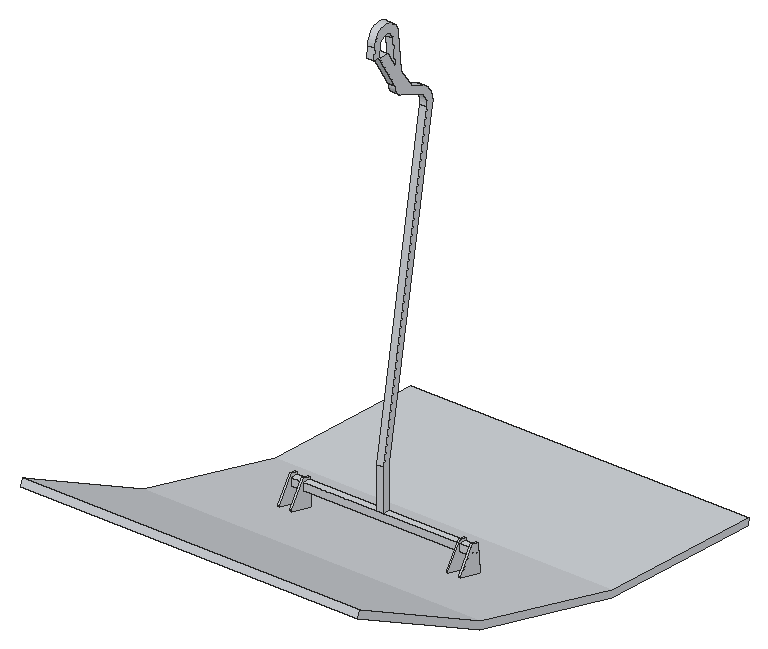
Revit family "6ft Forte Ceiling Panel", category Furniture, Revit 2011
Parameters (values of type "Forte 6' Ceiling")
  URL = "http://www.wengercorp.com/Home/Contact.html"
  Toekick Material [instance] = none
  RH End Panel [instance] = no
  Model = "60"
  Manufacturer = "Wenger Corporation"
  LH End Panel [instance] = no
  End Panel Material [instance] = none
  Edge Banding Material [instance] = none
  Door Material [instance] = none
  Description = "Standard 16' Forte Tower"
  Assembly Code = ""
Reference planes (in)
  plane 1 "Top View 2D location": z = 270
  plane 2: x = 22.64221
  plane 3: x = 46.64221
  plane 4: x = 34.64221
  plane 5: y = 855.02239
  plane 6: z = 199.94228
Forms (in)
  Extrusion 1, solid
    sketch origin (58.64221, 186.19326, 51.66529) x (0, -0.999473, -0.03245) y (0, -0.03245, 0.999473)
      loop
        arc (-639.0958, 139.35867) -> (-671.73183, 123.63341) -> (-707.59692, 118.52559) r 118.25922
        line (-707.59692, 118.52559) -> (-707.5496, 117.52612)
        arc (-707.5496, 117.52612) -> (-671.49428, 122.65506) -> (-638.66818, 138.42652) r 119.25324
        line (-638.66818, 138.42652) -> (-639.0958, 139.35867)
    from 0 to 48
  Extrusion 2, solid
    sketch origin (47.39227, 177.94081, 64.71877) x (0, 1, 0) y (0, 0, 1)
      loop
        line (674.00797, 132.83014) -> (677.38539, 131.92516) -> (677.56163, 132.58292) -> (677.27009, 136.39071) -> (676.32685, 136.64345) -> (674.17486, 133.45299) -> (674.00797, 132.83014)
    from 0 to 0.25
  Extrusion 3, solid
    sketch origin (45.64221, 177.94081, 64.71877) x (0, 1, 0) y (0, 0, 1)
      loop
        line (674.00797, 132.83014) -> (677.38539, 131.92516) -> (677.56163, 132.58292) -> (677.27009, 136.39071) -> (676.32685, 136.64345) -> (674.17486, 133.45299) -> (674.00797, 132.83014)
    from 0 to 0.25
  Extrusion 4, solid
    sketch origin (23.39227, 177.94081, 64.71877) x (0, 1, 0) y (0, 0, 1)
      loop
        line (674.00797, 132.83014) -> (677.38539, 131.92516) -> (677.56163, 132.58292) -> (677.27009, 136.39071) -> (676.32685, 136.64345) -> (674.17486, 133.45299) -> (674.00797, 132.83014)
    from 0 to 0.25
  Extrusion 5, solid
    sketch origin (21.64221, 177.94081, 64.71877) x (0, 1, 0) y (0, 0, 1)
      loop
        line (674.00797, 132.83014) -> (677.38539, 131.92516) -> (677.56163, 132.58292) -> (677.27009, 136.39071) -> (676.32685, 136.64345) -> (674.17486, 133.45299) -> (674.00797, 132.83014)
    from 0 to 0.25
  Extrusion 6, solid
    sketch origin (47.64221, 177.94081, 64.71877) x (0, -1, 0) y (0, 0, 1)
      loop
        line (-676.08984, 136.22351) -> (-677.08984, 136.22351) -> (-677.08984, 135.22351) -> (-676.08984, 135.22351) -> (-676.08984, 136.22351)
    from -0.00006 to 26
  Extrusion 7, solid
    sketch origin (35.14221, 177.94081, 64.71877) x (0, -1, 0) y (0, 0, 1)
      loop
        line (-676.08984, 136.22351) -> (-676.08984, 142.15091) -> (-683.74531, 184.74649)
        arc (-683.74531, 184.74649) -> (-683.52247, 186.04739) -> (-682.53733, 186.92575) r 1.99868
        line (-682.53733, 186.92575) -> (-679.18968, 188.30833)
        arc (-679.18968, 188.30833) -> (-678.51213, 188.86132) -> (-678.25322, 189.69669) r 1.51471
        line (-678.25322, 189.69669) -> (-678.22809, 189.98616) -> (-678.11876, 189.92046) -> (-675.41481, 194.42059) -> (-675.61622, 194.54161) -> (-676.79761, 194.54161) -> (-678.02626, 192.52702) -> (-677.71045, 196.13677)
        arc (-677.71045, 196.13677) -> (-676.60544, 197.16721) -> (-675.46514, 196.17596) r 1.12901
        line (-675.46514, 196.17596) -> (-675.28077, 194.67438) -> (-674.29725, 194.79514) -> (-674.47868, 196.27279)
        arc (-674.47868, 196.27279) -> (-676.48611, 198.40857) -> (-678.68271, 196.46788) r 2.10527
        line (-678.68271, 196.46788) -> (-679.13378, 191.31212) -> (-681.0882, 188.62209) -> (-683.26307, 187.69892) -> (-683.58867, 187.4793) -> (-683.92627, 187.17532) -> (-684.22577, 186.8184) -> (-684.46298, 186.45311) -> (-684.66827, 185.88909) -> (-684.74174, 185.54344) -> (-684.77793, 185.12974) -> (-684.72834, 184.56291) -> (-677.11492, 142.20128) -> (-677.10486, 142.08627) -> (-677.08984, 141.91467) -> (-677.08984, 136.22351) -> (-676.08984, 136.22351)
    from 0 to 1
Dimensions and locks (in)
  equal spacing: plane 2, plane 4, plane 3, locked at 12 each
  Extrusion 1 sketch curve to Extrusion 1 sketch curve = 0' - 1.02556"
  locked: Extrusion 1 sketch curve to Extrusion 1 sketch curve at 1.00059
  Extrusion 1 to Extrusion 5 to Extrusion 4 to Extrusion 7 to Extrusion 7 to Extrusion 3 to Extrusion 2 to Extrusion 1 = 0' - 11 1/4", 0' - 1.75006" locked, 0' - 10.49994" locked, 0' - 1" locked, 0' - 10 1/2" locked, 0' - 1.75006" locked, 0' - 11.24994"
  locked: Extrusion 2 to Extrusion 2 at 0.25
  locked: Extrusion 3 to Extrusion 3 at 0.25
  Extrusion 7 to Extrusion 7 = 0' - 1"
  locked: Extrusion 4 to Extrusion 4 at 0.25
  locked: Extrusion 5 to Extrusion 5 at 0.25
  plane 5 to Extrusion 7 = 0' - 7.69636"
  Extrusion 2 to plane 6 = 0' - 1.41994"
  locked: Extrusion 7 to plane 5 at 0.99174
  locked: Extrusion 6 to plane 6 at 1
  Extrusion 7 to plane 6 = 5' - 3.18732"
  radius of Extrusion 1 sketch curve = 9' - 10.25922"
Automatic sketch dimensions
  Extrusion 2 sketch curve to Extrusion 2 sketch curve = 0' - 0.16689"
  Extrusion 2 sketch curve to plane 1 "Top View 2D location" = 6' - 1.35607"
  Extrusion 2 sketch curve to Extrusion 2 sketch curve = 0' - 0.65775"
  Extrusion 2 sketch curve to Extrusion 2 sketch curve = 0' - 3.80779"
  Extrusion 2 sketch curve to Extrusion 2 sketch curve = 0' - 0.25274"
  Extrusion 3 sketch curve to Extrusion 3 sketch curve = 0' - 0.16689"
  Extrusion 3 sketch curve to plane 1 "Top View 2D location" = 6' - 1.35607"
  Extrusion 3 sketch curve to Extrusion 3 sketch curve = 0' - 0.65775"
  Extrusion 3 sketch curve to Extrusion 3 sketch curve = 0' - 3.80779"
  Extrusion 3 sketch curve to Extrusion 3 sketch curve = 0' - 0.25274"
  Extrusion 4 sketch curve to Extrusion 4 sketch curve = 0' - 0.16689"
  Extrusion 4 sketch curve to plane 1 "Top View 2D location" = 6' - 1.35607"
  Extrusion 4 sketch curve to Extrusion 4 sketch curve = 0' - 0.65775"
  Extrusion 4 sketch curve to Extrusion 4 sketch curve = 0' - 3.80779"
  Extrusion 4 sketch curve to Extrusion 4 sketch curve = 0' - 0.25274"
  Extrusion 5 sketch curve to Extrusion 5 sketch curve = 0' - 0.16689"
  Extrusion 5 sketch curve to plane 1 "Top View 2D location" = 6' - 1.35607"
  Extrusion 5 sketch curve to Extrusion 5 sketch curve = 0' - 0.65775"
  Extrusion 5 sketch curve to Extrusion 5 sketch curve = 0' - 3.80779"
  Extrusion 5 sketch curve to Extrusion 5 sketch curve = 0' - 0.25274"
  Extrusion 6 sketch curve to plane 1 "Top View 2D location" = 5' - 10.05772"
  Extrusion 6 sketch curve to Extrusion 6 sketch curve = 0' - 1"  (x2)
  Extrusion 7 sketch curve to Extrusion 7 sketch curve = 0' - 0.10934"
  Extrusion 7 sketch curve to Extrusion 7 sketch curve = 0' - 0.13446"
  Extrusion 7 sketch curve to Extrusion 7 sketch curve = 0' - 0.97226"
  Extrusion 7 sketch curve to Extrusion 7 sketch curve = 0' - 0.90568"
  Extrusion 7 sketch curve to Extrusion 7 sketch curve = 0' - 0.93646"
  Extrusion 7 sketch curve to Extrusion 7 sketch curve = 0' - 0.5782"
  Extrusion 7 sketch curve to Extrusion 7 sketch curve = 0' - 1 41/128"
  Extrusion 7 sketch curve to Extrusion 7 sketch curve = 0' - 0.68619"
  Extrusion 7 sketch curve to Extrusion 7 sketch curve = 0' - 0.76295"
  Extrusion 7 sketch curve to Extrusion 7 sketch curve = 0' - 0.72574"
  Extrusion 7 sketch curve to Extrusion 7 sketch curve = 0' - 0.3256"
  Extrusion 7 sketch curve to Extrusion 7 sketch curve = 0' - 1.97093"
  Extrusion 7 sketch curve to Extrusion 7 sketch curve = 0' - 0.3376"
  Extrusion 7 sketch curve to Extrusion 7 sketch curve = 0' - 0.29949"
  Extrusion 7 sketch curve to Extrusion 7 sketch curve = 0' - 0.23722"
  Extrusion 7 sketch curve to Extrusion 7 sketch curve = 0' - 0.20529"
  Extrusion 7 sketch curve to Extrusion 7 sketch curve = 0' - 0.98303"
  Extrusion 7 sketch curve to Extrusion 7 sketch curve = 0' - 0.07347"
  Extrusion 7 sketch curve to Extrusion 7 sketch curve = 0' - 0.03619"
  Extrusion 7 sketch curve to Extrusion 7 sketch curve = 0' - 0.00203"
  Extrusion 7 sketch curve to Extrusion 7 sketch curve = 0' - 1.18139"
  Extrusion 7 sketch curve to Extrusion 7 sketch curve = 0' - 1.11856"
  Extrusion 7 sketch curve to Extrusion 7 sketch curve = 0' - 0.20141"
  Extrusion 7 sketch curve to Extrusion 7 sketch curve = 0' - 0.13404"
  Extrusion 7 sketch curve to Extrusion 7 sketch curve = 0' - 0.98645"
  Extrusion 7 sketch curve to Extrusion 7 sketch curve = 0' - 0.98352"
  Extrusion 7 sketch curve to plane 1 "Top View 2D location" = 5' - 9.05772"
  Extrusion 7 sketch curve to Extrusion 7 sketch curve = 0' - 5.69116"
  Extrusion 7 sketch curve to Extrusion 7 sketch curve = 0' - 0.1716"
  Extrusion 7 sketch curve to Extrusion 7 sketch curve = 0' - 0.06464"
  Extrusion 7 sketch curve to Extrusion 7 sketch curve = 0' - 0.11501"
  Extrusion 7 sketch curve to plane 1 "Top View 2D location" = 1' - 8.71832"
  Extrusion 7 sketch curve to Extrusion 7 sketch curve = 0' - 0 47/256"
  Extrusion 7 sketch curve to Extrusion 7 sketch curve = 0' - 0.33192"
  Extrusion 7 sketch curve to Extrusion 7 sketch curve = 0' - 0.56683"
  Extrusion 7 sketch curve to Extrusion 7 sketch curve = 0' - 0.4137"
  Extrusion 7 sketch curve to Extrusion 7 sketch curve = 0' - 0.34565"
  Extrusion 7 sketch curve to Extrusion 7 sketch curve = 0' - 0.56402"
  Extrusion 7 sketch curve to Extrusion 7 sketch curve = 0' - 0.36529"
  Extrusion 7 sketch curve to Extrusion 7 sketch curve = 0' - 0.35692"
  Extrusion 7 sketch curve to Extrusion 7 sketch curve = 0' - 0.30398"
  Extrusion 7 sketch curve to Extrusion 7 sketch curve = 0' - 0.21962"
  Extrusion 7 sketch curve to Extrusion 7 sketch curve = 0' - 1.38258"
  Extrusion 7 sketch curve to Extrusion 7 sketch curve = 0' - 0.31376"
  Extrusion 7 sketch curve to Extrusion 7 sketch curve = 0' - 1.38836"
  Extrusion 7 sketch curve to Extrusion 7 sketch curve = 0' - 0.22378"
  Extrusion 7 sketch curve to Extrusion 7 sketch curve = 0' - 0.0657"
  Extrusion 7 sketch curve to Extrusion 7 sketch curve = 0' - 1.32597"
  Extrusion 7 sketch curve to Extrusion 7 sketch curve = 0' - 1.2149"
  Extrusion 7 sketch curve to Extrusion 7 sketch curve = 0' - 0.25378"
  Extrusion 7 sketch curve to Extrusion 7 sketch curve = 0' - 0.12076"
  Extrusion 7 sketch curve to Extrusion 7 sketch curve = 0' - 0.13759"
  Extrusion 7 sketch curve to Extrusion 7 sketch curve = 0' - 0.26719"
  Extrusion 2 sketch curve to Extrusion 2 sketch curve = 0' - 2.15199"
  Extrusion 2 sketch curve to Extrusion 2 sketch curve = 0' - 0.94324"
  Extrusion 2 sketch curve to Extrusion 2 sketch curve = 0' - 3.37742"
  Extrusion 2 sketch curve to Extrusion 2 sketch curve = 0' - 0.17624"
  Extrusion 3 sketch curve to Extrusion 3 sketch curve = 0' - 2.15199"
  Extrusion 3 sketch curve to Extrusion 3 sketch curve = 0' - 0.94324"
  Extrusion 3 sketch curve to Extrusion 3 sketch curve = 0' - 3.37742"
  Extrusion 3 sketch curve to Extrusion 3 sketch curve = 0' - 0.17624"
  Extrusion 4 sketch curve to Extrusion 4 sketch curve = 0' - 2.15199"
  Extrusion 4 sketch curve to Extrusion 4 sketch curve = 0' - 0.94324"
  Extrusion 4 sketch curve to Extrusion 4 sketch curve = 0' - 3.37742"
  Extrusion 4 sketch curve to Extrusion 4 sketch curve = 0' - 0.17624"
  Extrusion 5 sketch curve to Extrusion 5 sketch curve = 0' - 2.15199"
  Extrusion 5 sketch curve to Extrusion 5 sketch curve = 0' - 0.94324"
  Extrusion 5 sketch curve to Extrusion 5 sketch curve = 0' - 3.37742"
  Extrusion 5 sketch curve to Extrusion 5 sketch curve = 0' - 0.17624"
  Extrusion 7 sketch curve to plane 1 "Top View 2D location" = 0' - 8.81335"
  Extrusion 7 sketch curve to Extrusion 7 sketch curve = 0' - 0.45107"
  Extrusion 7 sketch curve to Extrusion 7 sketch curve = 0' - 1.10752"
  Extrusion 7 sketch curve to Extrusion 7 sketch curve = 0' - 0.01006"
  Extrusion 7 sketch curve to Extrusion 7 sketch curve = 0' - 0.01501"
  Extrusion 7 sketch curve to Extrusion 7 sketch curve = 0' - 0.91284"
  Extrusion 7 sketch curve to Extrusion 7 sketch curve = 0' - 1"
  Extrusion 2 sketch curve to plane 5 = 0' - 3.07361"
  Extrusion 3 sketch curve to plane 5 = 0' - 3.07361"
  Extrusion 4 sketch curve to plane 5 = 0' - 3.07361"
  Extrusion 5 sketch curve to plane 5 = 0' - 3.07361"
  plane 5 to Extrusion 6 sketch curve = 0' - 0.00826"
  plane 5 to Extrusion 7 sketch curve = 0' - 7.69636"
  plane 5 to Extrusion 7 sketch curve = 0' - 0.03334"
  Extrusion 1 sketch curve to plane 6 = 0' - 6.85258"
  plane 5 to Extrusion 1 sketch curve = 2' - 10.54904"
  Extrusion 1 sketch curve to Extrusion 1 sketch curve = 0' - 0.04732"
  Extrusion 1 sketch curve to Extrusion 1 sketch curve = 0' - 1.45535"
  Extrusion 1 sketch curve to Extrusion 1 sketch curve = 0' - 0.02163"
  Extrusion 1 sketch curve to Extrusion 1 sketch curve = 5' - 8.50112"
  Extrusion 1 sketch curve to Extrusion 1 sketch curve = 0' - 0.42762"
Nested families (in)
  nested 1: "Labels" at (34.95498, 816.8229, 0), type "6'"
Definition of nested family "Labels"
  Parameters (values of type "Standard")
    Cabinet Label = "01"
  Types (4): name | Cabinet Label
    Standard | "01"
    Narrow | "01N"
    Narrow Acoustic | "01NA"
    Acoustic | "01A"
  Reference planes (in)
    plane 1: y = 0
    plane 2: x = 0
  Text (in)
    label "xxxx" at (-0.00018, 0.00754, 0), shows "Cabinet Label"
